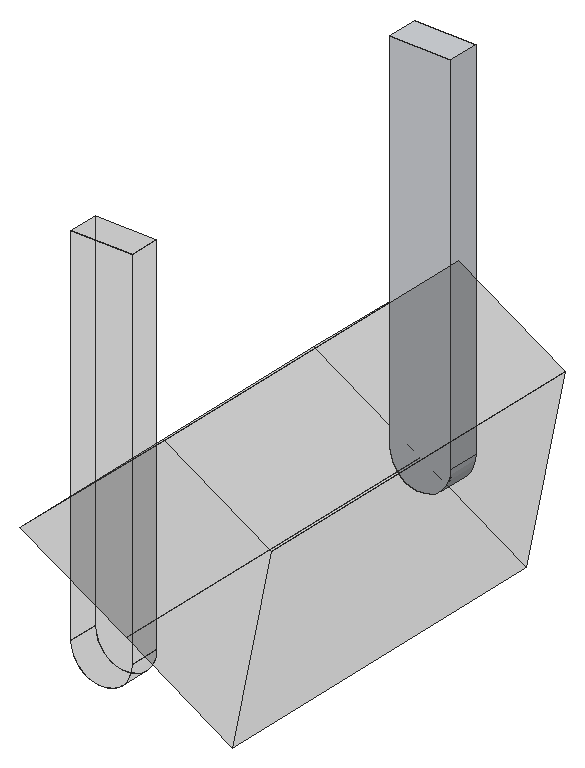
Revit family
Parameters (values of type "60 Degree Tilt")
  Wattage = 16.1571 W
  built-in parameter 1150110 = 1 (stored number, unit not read)
  built-in parameter 1114217 = 1 (stored number, unit not read)
  built-in parameter 1150109 = 1 (stored number, unit not read)
  built-in parameter 1150134 = 3
  built-in parameter 1150113 = 1 (stored number, unit not read)
  built-in parameter 1150105 = 8024.6 (stored number, unit not read)
  built-in parameter 1150115 = 1 (stored number, unit not read)
  Light Source Symbol Length = 3048.00 mm
  built-in parameter 1150137 = (empty or 0)
  built-in parameter 1150139 = (empty or 0)
  built-in parameter 1150112 = 1 (stored number, unit not read)
  built-in parameter 1150114 = 1 (stored number, unit not read)
  Keynote = "V"
  built-in parameter 1150132 = 2
  built-in parameter 1150102 = (empty or 0)
  built-in parameter 1150107 = 3200 (stored number, unit not read)
  built-in parameter 1150138 = (empty or 0)
  built-in parameter 1150106 = 80.246 (stored number, unit not read)
  built-in parameter 1150104 = 13.8 (stored number, unit not read)
  Dimming Lamp Color Temperature Shift = (empty or 0)
  Depth = 76.00 mm
  Lamp = "Compact Fluorescent"
  Material Casing = Plastic - Black
  Lumens = 2400 lm
  built-in parameter 1010506 = 0.5236 (stored number, unit not read)
  built-in parameter 1010507 = 1.5708 (stored number, unit not read)
  Tilt Angle = 60.00°
  Wattage Comments = "40"
  Width/2 = 51.00 mm
  Color Filter = 16777215
  built-in parameter 1114218 = 1 (stored number, unit not read)
  built-in parameter 1150133 = 10 (stored number, unit not read)
Types (4, lengths in mm): name | Tilt Angle
  (no name) | 60.00°
  90 Degree Tilt | 90.00°
  75 Degree Tilt | 75.00°
  60 Degree Tilt | 60.00°
Reference planes
  plane 1 "Light Source Axis": y = 0
  plane 2 "Ceiling": z = 2438.4
  plane 3 "Light Source Axis": x = 0
  plane 4 "Light Source Elevation": z = 2286
Forms (mm)
  Extrusion 1, solid, material "Plastic - Black" <- "Material Casing"
    sketch origin (0, 152.4, 0) x (0, 0, -1) y (1, 0, 0)
      loop
        line (-2364.651, 15.786) -> (-2311.5, -44.154) -> (-2286, 0.014) -> (-2260.5, 44.181) -> (-2338.985, 60.242) -> (-2364.651, 15.786)
    from 76.2 to 228.6
  Extrusion 2, solid, material "Plastic - Black" <- "Material Casing"
    sketch origin (0, -76.2, 0) x (0, 0, -1) y (1, 0, 0)
      loop
        line (-2438.4, -12.7) -> (-2286, -12.7)
        arc (-2286, -12.7) -> (-2273.3, 0) -> (-2286, 12.7) r 12.7
        line (-2286, 12.7) -> (-2438.4, 12.7) -> (-2438.4, -12.7)
    from 0 to 12.7
  Extrusion 3, solid
    sketch origin (0, 101.6, 0) x (0, 0, -1) y (1, 0, 0)
      loop
        line (-2438.4, -12.7) -> (-2286, -12.7)
        arc (-2286, -12.7) -> (-2273.3, 0) -> (-2286, 12.7) r 12.7
        line (-2286, 12.7) -> (-2438.4, 12.7) -> (-2438.4, -12.7)
    from 12.7 to 25.4
Lines and regions (mm)
  sketch lines
    curve 1: line (-1524, 1524, 0) -> (1524, 1524, 0)
    curve 2: line (-1524, 1524, 0) -> (-1524, -1524, 0)
    curve 3: line (-1524, -1524, 0) -> (1524, -1524, 0)
    curve 4: line (1524, 1524, 0) -> (1524, -1524, 0)
  model lines
    curve 5: line (-50.786, 76.2, 2438.4) -> (50.814, 76.2, 2438.4)
    curve 6: line (-50.786, -76.2, 2438.4) -> (-50.786, 76.2, 2438.4)
    curve 7: line (50.814, -76.2, 2438.4) -> (-50.786, -76.2, 2438.4)
    curve 8: line (50.814, 76.2, 2438.4) -> (50.814, -76.2, 2438.4)
  symbolic lines
    curve 9: line (-12.7, 88.9, 2438.4) -> (12.7, 88.9, 2438.4)
    curve 10: line (-12.7, 76.2, 2438.4) -> (-12.7, 88.9, 2438.4)
    curve 11: line (12.7, 88.9, 2438.4) -> (12.7, 76.2, 2438.4)
    curve 12: line (-12.7, -76.2, 2438.4) -> (-12.7, -88.9, 2438.4)
    curve 13: line (-12.7, -88.9, 2438.4) -> (12.7, -88.9, 2438.4)
    curve 14: line (12.7, -88.9, 2438.4) -> (12.7, -76.2, 2438.4)
    curve 15: line (-50.786, 0, 2438.4) -> (0.014, 0, 2438.4)
    curve 16: line (-50.786, 25.4, 2438.4) -> (0.014, 25.4, 2438.4)
    curve 17: line (-50.786, 50.8, 2438.4) -> (0.014, 50.8, 2438.4)
    curve 18: line (-50.786, -25.4, 2438.4) -> (0.014, -25.4, 2438.4)
    curve 19: line (-50.786, -50.8, 2438.4) -> (0.014, -50.8, 2438.4)
    curve 20: line (0.014, 76.2, 2438.4) -> (0.014, -76.2, 2438.4)
Text (mm)
  text "0 Tilt Angle" at (-1482.244, 236.007, 2133.6), in view "Ref. Level"
  text "180 Tilt Angle" at (653.058, 236.007, 2133.6), in view "Ref. Level"
Dimensions and locks
  equal spacing: curve 2, plane 3 "Light Source Axis", curve 4
  equal spacing: curve 3, plane 1 "Light Source Axis", curve 1
  curve 2 to curve 4 = 3048.00 mm
  curve 3 to curve 1 = 3048.00 mm
  "Depth": Extrusion 1 sketch curve to Extrusion 1 sketch curve
  "Width/2": Extrusion 1 sketch curve to Extrusion 1 sketch curve  (x2)
  "Tilt Angle": angle plane 3 "Light Source Axis" to Extrusion 1 sketch curve
  angle Extrusion 1 sketch curve to Extrusion 1 sketch curve = 71.5651°  (x2)
  angle Extrusion 1 sketch curve to Extrusion 1 sketch curve = 108.435°  (x2)
  aligned and locked: imposter light to plane 3 "Light Source Axis"
  aligned and locked: plane 1 "Light Source Axis" to imposter light
  aligned and locked: plane 4 "Light Source Elevation" to imposter light
Automatic sketch dimensions
  Extrusion 2 sketch curve to plane 2 "Ceiling" = 0.00 mm
  Extrusion 2 sketch curve to plane 4 "Light Source Elevation" = 0.00 mm
  Extrusion 2 sketch curve to plane 3 "Light Source Axis" = 0.00 mm
  Extrusion 2 sketch curve to plane 3 "Light Source Axis" = 12.70 mm
  Extrusion 1 sketch curve to plane 4 "Light Source Elevation" = 0.00 mm
  plane 3 "Light Source Axis" to Extrusion 1 sketch curve = 0.014 mm
  curve 15 to plane 1 "Light Source Axis" = 0.00 mm
  plane 3 "Light Source Axis" to curve 15 = 0.014 mm
  curve 12 to plane 3 "Light Source Axis" = 12.70 mm
  curve 9 to plane 3 "Light Source Axis" = 12.70 mm
  curve 15 to plane 3 "Light Source Axis" = 50.786 mm
  plane 3 "Light Source Axis" to curve 11 = 12.70 mm
  plane 3 "Light Source Axis" to curve 14 = 12.70 mm
  curve 14 to curve 7 = 38.114 mm
  plane 1 "Light Source Axis" to curve 18 = 25.40 mm
  curve 19 to curve 18 = 25.40 mm
  curve 8 to curve 19 = 25.40 mm
  curve 12 to curve 12 = 12.70 mm
  curve 16 to plane 1 "Light Source Axis" = 25.40 mm
  curve 16 to curve 17 = 25.40 mm
  curve 17 to curve 8 = 25.40 mm
  curve 11 to curve 9 = 12.70 mm
